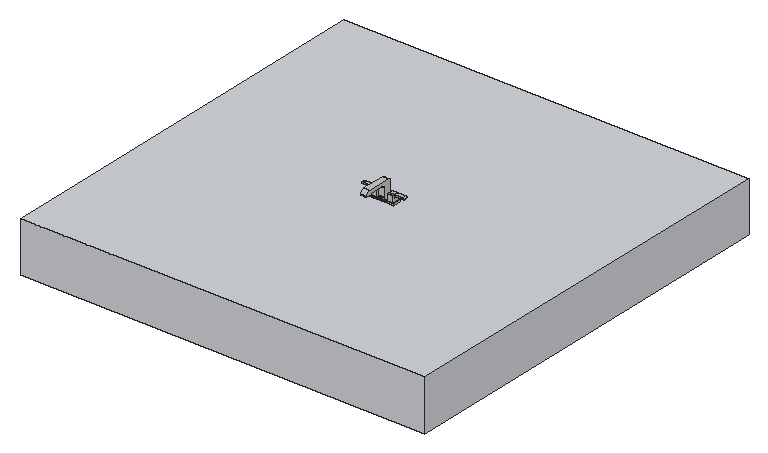
Revit family
Parameters (values of type "Delta Bath Ara 3567-MPU")
  URL = "http://www.deltafaucet.com "
  Tap = Stainless Steel
  Model = "3567-MPU"
  Manufacturer = "Delta"
  Default Elevation = 48.000"
Reference planes (in)
  plane 1 "Center (Front/Back)": y = 0
  plane 2: z = 0
  plane 3 "Center (Left/Right)": x = 0
Forms (in)
  Extrusion 1, solid
    sketch origin (0, 0, 0) x (1, 0, 0) y (0, 1, 0)
      loop
        line (-48, 48) -> (-48, -48) -> (48, -48) -> (48, 48) -> (-48, 48)
    from 0 to -12
  Extrusion 2, solid, material "Stainless Steel" <- "Tap"
    sketch origin (0, 0, 0) x (1, 0, 0) y (0, 1, 0)
      loop
        line (-0.93537, 0.93537) -> (-0.93537, -0.97762) -> (0.97393, -0.97762) -> (0.97393, 0.93537) -> (-0.93537, 0.93537)
    from 0 to 0.3
  Extrusion 3, solid, material "Stainless Steel" <- "Tap"
    sketch origin (0, 0, 0) x (0, 1, 0) y (0, 0, 1)
      loop
        line (-0.7, 0.3) -> (0.7, 0.3) -> (0.7, 3.98)
        arc (0.7, 3.98) -> (0.63556, 4.13556) -> (0.48, 4.2) r 0.22
        line (0.48, 4.2) -> (-5.135, 4.2)
        arc (-5.135, 4.2) -> (-5.782, 3.932) -> (-6.05, 3.285) r 0.915
        arc (-6.05, 3.285) -> (-6.04121, 3.26379) -> (-6.02, 3.255) r 0.03
        line (-6.02, 3.255) -> (-4.93173, 3.255)
        arc (-4.93173, 3.255) -> (-4.90757, 3.26312) -> (-4.89322, 3.28419) r 0.04
        arc (-4.89322, 3.28419) -> (-4.77483, 3.45799) -> (-4.5755, 3.525) r 0.33
        line (-4.5755, 3.525) -> (-1.36, 3.525)
        arc (-1.36, 3.525) -> (-0.89331, 3.33169) -> (-0.7, 2.865) r 0.66
        line (-0.7, 2.865) -> (-0.7, 0.3)
    from -0.7 to 0.7
  Extrusion 4, solid, material "Stainless Steel" <- "Tap"
    sketch origin (-2, 0, 0) x (1, 0, 0) y (0, 1, 0)
      loop
        line (-0.93537, 0.93537) -> (-0.93537, -0.97762) -> (0.97393, -0.97762) -> (0.97393, 0.93537) -> (-0.93537, 0.93537)
    from 0 to 0.3
  Extrusion 5, solid, material "Stainless Steel" <- "Tap"
    sketch origin (0, 0, 0) x (1, 0, 0) y (0, 0, 1)
      loop
        line (-2.6625, 1.785) -> (-2.6625, 0.3) -> (-1.3375, 0.3) -> (-1.3375, 1.785) -> (-2.6625, 1.785)
    from -0.6625 to 0.6625
  Extrusion 6, solid, material "Stainless Steel" <- "Tap"
    sketch origin (0, 0, 0) x (1, 0, 0) y (0, 0, 1)
      loop
        line (-2.6625, 1.175) -> (-2.6625, 1.785) -> (-1.33931, 1.785)
        arc (-1.33931, 1.785) -> (-1.42167, 1.94208) -> (-1.5875, 2.005) r 0.25
        line (-1.5875, 2.005) -> (-4.72161, 2.005)
        arc (-4.72161, 2.005) -> (-4.89422, 1.94547) -> (-4.99343, 1.7922) r 0.28
        arc (-4.99343, 1.7922) -> (-4.98793, 1.76651) -> (-4.96431, 1.755) r 0.03
        line (-4.96431, 1.755) -> (-3.2425, 1.755)
        arc (-3.2425, 1.755) -> (-2.83238, 1.58512) -> (-2.6625, 1.175) r 0.58
    from -0.4675 to 0.4375
  Extrusion 7, solid, material "Stainless Steel" <- "Tap"
    sketch origin (2, 0, 0) x (-1, 0, 0) y (0, -1, 0)
      loop
        line (-0.93537, -0.93537) -> (0.97393, -0.93537) -> (0.97393, 0.97762) -> (-0.93537, 0.97762) -> (-0.93537, -0.93537)
    from 0 to 0.3
  Extrusion 8, solid, material "Stainless Steel" <- "Tap"
    sketch origin (0, 0, 0) x (-1, 0, 0) y (0, 0, -1)
      loop
        line (-2.6625, -1.785) -> (-1.3375, -1.785) -> (-1.3375, -0.3) -> (-2.6625, -0.3) -> (-2.6625, -1.785)
    from -0.6625 to 0.6625
  Extrusion 9, solid, material "Stainless Steel" <- "Tap"
    sketch origin (0, 0, 0) x (-1, 0, 0) y (0, 0, -1)
      loop
        arc (-2.6625, -1.175) -> (-2.83238, -1.58512) -> (-3.2425, -1.755) r 0.58
        line (-3.2425, -1.755) -> (-4.96431, -1.755)
        arc (-4.96431, -1.755) -> (-4.98793, -1.76651) -> (-4.99343, -1.7922) r 0.03
        arc (-4.99343, -1.7922) -> (-4.89422, -1.94547) -> (-4.72161, -2.005) r 0.28
        line (-4.72161, -2.005) -> (-1.5875, -2.005)
        arc (-1.5875, -2.005) -> (-1.42167, -1.94208) -> (-1.33931, -1.785) r 0.25
        line (-1.33931, -1.785) -> (-2.6625, -1.785) -> (-2.6625, -1.175)
    from -0.4675 to 0.4375
  Extrusion 10, solid, material "Stainless Steel" <- "Tap"
    sketch origin (0, 0, 0) x (0, 1, 0) y (0, 0, 1)
      loop
        line (0.8, 2.4) -> (1.12973, 2.4) -> (1.12973, 2.9) -> (0.71361, 2.9) -> (0.7, 1.34) -> (0.70908, 0.3) -> (0.78167, 0.3) -> (0.8, 2.4)
    from -0.27165 to 0.27165
  Extrusion 11, void
    sketch origin (0, 0, 0) x (1, 0, 0) y (0, 0, 1)
      loop
        line (-0.45552, 0.53573) -> (-0.39353, 0.536)
        arc (-0.39353, 0.536) -> (-0.3453, 0.55308) -> (-0.31857, 0.5967) r 0.07663
        arc (-0.31857, 0.5967) -> (-0.31346, 0.64532) -> (-0.31857, 0.69394) r 0.23384
        arc (-0.31857, 0.69394) -> (-0.3453, 0.73756) -> (-0.39353, 0.75491) r 0.07663
        line (-0.39353, 0.75491) -> (-0.45552, 0.75491) -> (-0.45552, 0.53573)
      loop
        line (-0.42452, 0.72364) -> (-0.42452, 0.567) -> (-0.39353, 0.567)
        arc (-0.39353, 0.567) -> (-0.36481, 0.57717) -> (-0.34889, 0.60314) r 0.04563
        arc (-0.34889, 0.60314) -> (-0.34446, 0.64532) -> (-0.34889, 0.68749) r 0.20284
        arc (-0.34889, 0.68749) -> (-0.36481, 0.71347) -> (-0.39353, 0.72364) r 0.04563
        line (-0.39353, 0.72364) -> (-0.42452, 0.72364)
      loop
        line (-0.27549, 0.53573) -> (-0.15667, 0.53573) -> (-0.15667, 0.567) -> (-0.24449, 0.567) -> (-0.24449, 0.63045) -> (-0.16253, 0.63045) -> (-0.16253, 0.66145) -> (-0.24449, 0.66145) -> (-0.24449, 0.72391) -> (-0.15667, 0.72391) -> (-0.15667, 0.75491) -> (-0.27549, 0.75491) -> (-0.27549, 0.53573)
      loop
        line (-0.0462, 0.567) -> (-0.0462, 0.75491) -> (-0.0772, 0.75491) -> (-0.0772, 0.53573) -> (0.04162, 0.53573) -> (0.04162, 0.567) -> (-0.0462, 0.567)
      loop
        line (0.04162, 0.72391) -> (0.09191, 0.72391) -> (0.09191, 0.53573) -> (0.12291, 0.53573) -> (0.12291, 0.72391) -> (0.1732, 0.72391) -> (0.1732, 0.75491) -> (0.04162, 0.75491) -> (0.04162, 0.72391)
      loop
        line (0.1732, 0.53573) -> (0.2064, 0.53573) -> (0.22604, 0.58688) -> (0.31996, 0.58688) -> (0.33959, 0.53573) -> (0.3728, 0.53573) -> (0.28866, 0.75491) -> (0.25733, 0.75491) -> (0.1732, 0.53573)
      loop
        line (0.23794, 0.61788) -> (0.30806, 0.61788) -> (0.273, 0.70921) -> (0.23794, 0.61788)
    from 0.67 to 0.73513
Cuts and joins
  Extrusion 11 cuts Extrusion 3
Dimensions and locks (in)
  aligned and locked: plane 2 to Extrusion 1
  aligned and locked: level to Extrusion 1
Connectors (in)
  piping at (0, 0, 0)
    settings: on Extrusion 1, index 1, connector radius 12", flow factor 0, pipe flow 0 GPM, pressure drop 0.00 psi, fitting loss kfactor 0, connector angle 0.00°, fixture units 0, flow configuration 0, flow direction 0, fitting loss method 0, system type 19, connector reference index -1, connector utility 0, adjustable connector no, is connector primary yes, fitting loss table "", connector description ""
